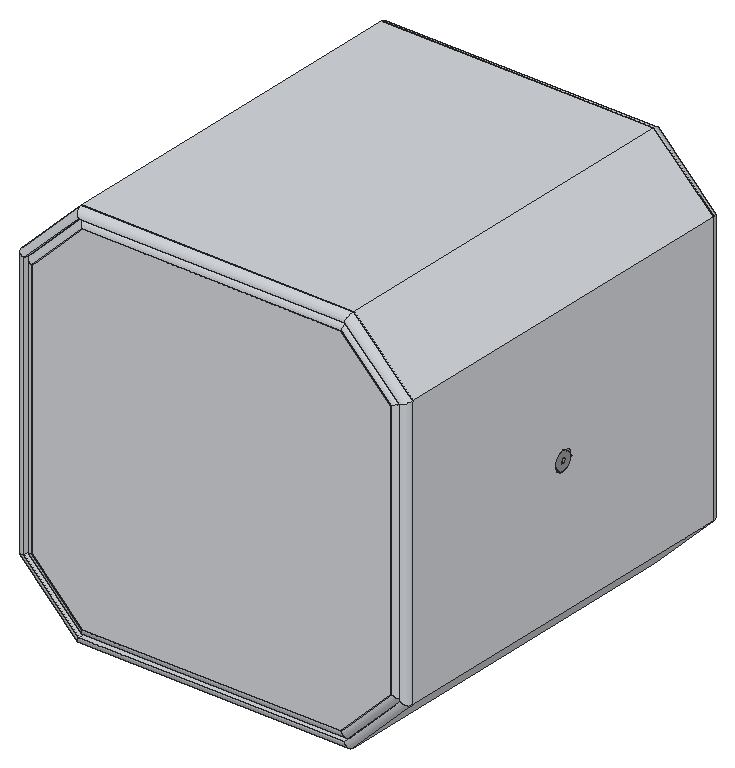
Revit family "1 SOUND_Cannon_C8", category Communication Devices, Revit 2020
Family settings
  Maintain Annotation Orientation = No
  Round Connector Dimension = Use Diameter
  Part Type = Normal
  Work Plane-Based = Yes
  Always vertical = No
  Cut with Voids When Loaded = No
  Shared = No
  Room Calculation Point = No
Parameters (values of type "C8")
  Width - Overall = 260 mm
  Weight = "18.4 lb / 8.3 kg"
  URL = "https://www.1-sound.com/cannon-coaxials"
  Speaker Mesh Finish [instance] = none
  Speaker Box Finish [instance] = none
  Rigging = "(4) M6 points"  # constant formula
  Power = "400 watts (program), 200 watts (AES)"
  Origin Plane [instance] = if(Origin Is Centered, 0 mm, (Height Overall / 2))  # 130 mm
  Origin Is Centered [instance] = no
  Model = "C8"
  Manufacturer = "1 Sound"  # constant formula
  Impedance = "8Ω"
  Height Overall = 260 mm
  Dimensions (HxWxD) = "10.2” (260 mm) x 10.2” (260 mm) x 10.2” (260 mm)"
  Depth - Overall = 260 mm
  Default Elevation = 1219.2 mm
  Construction = "Finland birch plywood (urea glue), polyurea, matte salt and UV resistant coating, 316 stainless steel hardware, 3D spacer mesh fabric"  # constant formula
  Connectors = "(2) NL4, 2-circuit switch, (1) Neutric NDL dummyPlug"
  Connector - Screw Terminal Block = no
  Connector - NL4 = yes
  Bandwidth = "55 Hz - 18 kHz (-6 dB)"
Types (2, lengths in mm): name | Speaker Mesh Finish | Speaker Box Finish | Origin Plane | Origin Is Centered | Model | Connectors | Connector - Screw Terminal Block | Connector - NL4
  C8i | 1 Sound - Speaker Mesh_Fabric_Black | 1 Sound - Speaker Box_Black | 0 | yes | "C8i" | "(1) screw terminal block with input +/- and loop +/-" | yes | no
  C8 | none | none | 130 | no | "C8" | "(2) NL4, 2-circuit switch, (1) Neutric NDL dummyPlug" | no | yes
Reference planes
  plane 1 "Center (Front/Back)": y = 0
  plane 2: z = 0
  plane 3 "Center (Left/Right)": x = -8.925
  plane 4 "Speaker Depth": y = 260
  plane 5: z = 260
  plane 6: x = 121.075
  plane 7: x = -138.925
  plane 8: z = 130
  plane 9: y = 130
  plane 10: x = -59.925
  plane 11: z = 0
Forms (mm)
  Sweep 1, solid, material <- "Speaker Box Finish"
    path origin (0, 0, 107) x (1, 0, 0) y (0, 0, 1)
      loop
        line (-97.398, 148) -> (-133.925, 111.473) -> (-133.925, -65.473) -> (-97.398, -102) -> (79.434, -102) -> (116.075, -65.359) -> (116.075, 111.473) -> (79.548, 148) -> (-97.398, 148)
    profile origin (-8.925, 0, 255) x (0, 0, 1) y (0, -1, 0)
      loop
        arc (5, -5) -> (3.536, -1.464) -> (0, 0) r 5
        line (0, 0) -> (0, -5) -> (5, -5)
  Sweep 2, solid, material <- "Speaker Mesh Finish"
    path origin (761.008, 109, -738.704) x (1, 0, 0) y (0, 0, -1)
      loop
        line (-683.738, -988.204) -> (-650.433, -954.899) -> (-650.433, -782.623) -> (-683.852, -749.204) -> (-856.128, -749.204) -> (-889.433, -782.509) -> (-889.433, -954.899) -> (-856.128, -988.204) -> (-683.738, -988.204)
    profile origin (-8.925, 109, 249.5) x (0, 0, 1) y (0, 1, 0)
      loop
        line (5, -104) -> (0, -104) -> (0, -109)
        arc (0, -109) -> (3.536, -107.536) -> (5, -104) r 5
  Sweep 3, solid, material <- "Speaker Box Finish"
    path origin (0, 260, 107) x (-1, 0, 0) y (0, 0, 1)
      loop
        line (97.398, 148) -> (-79.548, 148) -> (-116.075, 111.473) -> (-116.075, -65.359) -> (-79.434, -102) -> (97.398, -102) -> (133.925, -65.473) -> (133.925, 111.473) -> (97.398, 148)
    profile origin (-8.925, 260, 255) x (0, 0, -1) y (0, 1, 0)
      loop
        line (-5, -5) -> (0, -5) -> (0, 0)
        arc (0, 0) -> (-3.536, -1.464) -> (-5, -5) r 5
  Extrusion 4, solid, material <- "Speaker Box Finish"
    sketch origin (0, 0, -151793) x (1, 0, 0) y (0, 0, 1)
      loop
        line (81.619, 152053) -> (-99.469, 152053) -> (-138.925, 152013.544) -> (-138.925, 151832.456) -> (-99.469, 151793) -> (81.505, 151793) -> (121.075, 151832.57) -> (121.075, 152013.544) -> (81.619, 152053)
    from -255 to -5
  Extrusion 5, solid, material <- "Speaker Mesh Finish"
    sketch origin (0, 0, 0) x (1, 0, 0) y (0, 0, 1)
      loop
        line (-128.425, 216.195) -> (-128.425, 43.805) -> (-95.12, 10.5) -> (77.156, 10.5) -> (110.575, 43.919) -> (110.575, 216.195) -> (77.27, 249.5) -> (-95.12, 249.5) -> (-128.425, 216.195)
    from 0 to -5
  Extrusion 6, void
    sketch origin (0, 5, 0) x (1, 0, 0) y (0, 0, 1)
      loop
        line (-133.925, 218.473) -> (-133.925, 41.527) -> (-97.398, 5) -> (79.434, 5) -> (116.075, 41.641) -> (116.075, 218.473) -> (79.548, 255) -> (-97.398, 255) -> (-133.925, 218.473)
    from 0 to -5
  Extrusion 7, solid, material "1 Sound - Solid Black"
    sketch origin (0, 5, 0) x (1, 0, 0) y (0, 0, 1)
      loop
        line (-133.925, 218.473) -> (-133.925, 41.527) -> (-97.398, 5) -> (79.434, 5) -> (116.075, 41.641) -> (116.075, 218.473) -> (79.548, 255) -> (-97.398, 255) -> (-133.925, 218.473)
    from 0 to -5
  Sweep 8, solid, material <- "Speaker Mesh Finish"
    path origin (0, 260, 0) x (-1, 0, 0) y (0, 0, 1)
      loop
        line (95.12, 249.5) -> (-77.27, 249.5) -> (-110.575, 216.195) -> (-110.575, 43.919) -> (-77.156, 10.5) -> (44.55, 10.5) -> (44.55, 31.751) -> (107.844, 95.045) -> (128.425, 95.045) -> (128.425, 216.195) -> (95.12, 249.5)
    profile origin (-8.925, 260, 249.5) x (0, 0, -1) y (0, 1, 0)
      loop
        line (-4.999, -5) -> (0.001, -5) -> (0.001, 0)
        arc (0.001, 0) -> (-3.535, -1.464) -> (-4.999, -5) r 5
  Extrusion 9, solid, material <- "Speaker Mesh Finish"
    sketch origin (0, 260, 0) x (-1, 0, 0) y (0, 0, 1)
      loop
        line (-77.27, 249.499) -> (-110.574, 216.195) -> (-110.574, 43.919) -> (-77.156, 10.501) -> (44.549, 10.501) -> (44.549, 31.751) -> (107.844, 95.046) -> (128.425, 95.046) -> (128.425, 216.195) -> (95.121, 249.499) -> (-77.27, 249.499)
    from -4.98 to 0
  Extrusion 10, void
    sketch origin (0, 260, 0) x (-1, 0, 0) y (0, 0, 1)
      loop
        line (-79.341, 254.499) -> (-115.574, 218.266) -> (-115.574, 41.848) -> (-79.227, 5.501) -> (49.549, 5.501) -> (49.549, 29.68) -> (109.915, 90.046) -> (133.425, 90.046) -> (133.425, 218.266) -> (97.192, 254.499) -> (-79.341, 254.499)
    from -9.96 to -4.98
  Extrusion 11, solid, material "1 Sound - Solid Black"
    sketch origin (0, 260, 0) x (-1, 0, 0) y (0, 0, 1)
      loop
        line (97.192, 254.499) -> (-79.341, 254.499) -> (-115.574, 218.266) -> (-115.574, 41.848) -> (-79.227, 5.501) -> (49.549, 5.501) -> (49.549, 29.68) -> (109.915, 90.046) -> (133.425, 90.046) -> (133.425, 218.266) -> (97.192, 254.499)
    from -9.96 to -4.98
  Extrusion 12, void
    sketch origin (-8.925, 0, 0) x (0, 1, 0) y (0, 0, 1)
      loop
        circle (130, 130) r 6.855
    from -152.596 to 138.234
  Extrusion 13, solid, material <- "Speaker Box Finish"
    sketch origin (0, 260, 0) x (-1, 0, 0) y (0, 0, 1)
      loop
        circle (55.583, 19.989) r 5
      loop
        circle (118.936, 83.342) r 5
    from -5 to -4
  Extrusion 14, void
    sketch origin (0, 256, 0) x (1, 0, 0) y (0, 0, 1)
      loop
        line (-57.807, 20.585) -> (-57.211, 18.36) -> (-54.987, 17.764) -> (-53.359, 19.393) -> (-53.955, 21.617) -> (-56.179, 22.213) -> (-57.807, 20.585)
      loop
        line (-118.34, 81.117) -> (-116.712, 82.746) -> (-117.308, 84.97) -> (-119.532, 85.566) -> (-121.161, 83.938) -> (-120.565, 81.713) -> (-118.34, 81.117)
    from -0.458 to 1
Cuts and joins
  Extrusion 6, Extrusion 10, Extrusion 12, Extrusion 14 cuts Extrusion 4
  Extrusion 14 cuts Extrusion 7
  Extrusion 14 cuts Extrusion 13
Dimensions and locks
  "Depth - Overall": plane 1 "Center (Front/Back)" to plane 4 "Speaker Depth"
  "Height Overall": plane 5 to plane 2
  equal spacing: plane 6, plane 3 "Center (Left/Right)", plane 7
  "Width - Overall": plane 6 to plane 7
  Sweep 1 sketch curve to plane 5 = 5 mm
  Extrusion 4 to Sweep 1 sketch curve = 5 mm  (x4)
  Sweep 1 sketch curve to plane 7 = 5 mm
  Sweep 1 sketch curve to level = 5 mm
  Sweep 1 sketch curve to plane 6 = 5 mm
  Sweep 3 sketch curve to plane 5 = 5 mm
  Extrusion 4 to Sweep 3 sketch curve = 5 mm  (x4)
  equal spacing: plane 6, Sweep 3 sketch curve, Sweep 3 sketch curve
  equal spacing: level, Sweep 3 sketch curve, Sweep 3 sketch curve
  plane 7 to Sweep 3 sketch curve = 5 mm
  Sweep 2 sketch curve to level = 10.5 mm
  Extrusion 4 to Sweep 2 sketch curve = 10.5 mm  (x5)
  Sweep 2 sketch curve to plane 5 = 10.5 mm
  Sweep 2 sketch curve to plane 6 = 10.5 mm
  equal spacing: plane 5, plane 8, level
  equal spacing: plane 1 "Center (Front/Back)", plane 9, plane 4 "Speaker Depth"
  "Origin Plane": plane 11 to plane 8
  aligned and locked: plane 2 to level
  aligned and locked: plane 4 "Speaker Depth" to Sweep 3
  aligned and locked: plane 1 "Center (Front/Back)" to Sweep 2
  aligned and locked: plane 7 to Extrusion 4 sketch curve
  aligned and locked: plane 5 to Extrusion 4 sketch curve
  aligned and locked: plane 6 to Extrusion 4 sketch curve
  aligned and locked: Extrusion 4 sketch curve to level
  aligned and locked: Extrusion 5 sketch curve to Sweep 2  (x8)
  aligned and locked: Sweep 1 to Extrusion 6 sketch curve
  aligned and locked: Extrusion 6 sketch curve to Sweep 1  (x7)
  aligned and locked: Extrusion 5 to Sweep 8 sketch curve
  aligned and locked: Sweep 8 sketch curve to Extrusion 5  (x4)
  aligned and locked: Extrusion 9 sketch curve to Sweep 8  (x5)
  aligned and locked: plane 4 "Speaker Depth" to Extrusion 9
  aligned and locked: Extrusion 10 sketch curve to Sweep 8  (x6)
  aligned and locked: nested 1 to plane 8
  aligned and locked: Extrusion 12 sketch curve to nested 1  (x2)
  aligned and locked: plane 9 to nested 1
  aligned and locked: plane 6 to nested 1
  aligned and locked: nested 2 to plane 9
  aligned and locked: plane 8 to nested 2
  aligned and locked: plane 7 to nested 2
  aligned and locked: Extrusion 9 sketch curve to Sweep 2  (x2)
  aligned and locked: Extrusion 10 sketch curve to Extrusion 11  (x4)
Automatic sketch dimensions
  profile plane to Sweep 1 sketch curve = 0 mm
  Sweep 1 sketch curve to plane 1 "Center (Front/Back)" = 0 mm
  Sweep 1 sketch curve to plane 1 "Center (Front/Back)" = 5 mm
  profile plane to Sweep 2 sketch curve = 0 mm
  Sweep 2 sketch curve to Sweep 2 sketch curve = 5 mm
  Sweep 2 sketch curve to profile plane = 109 mm
  Sweep 3 sketch curve to plane 6 = 5 mm
  level to Sweep 3 sketch curve = 5 mm
  Sweep 3 sketch curve to plane 4 "Speaker Depth" = 0 mm
  Sweep 3 sketch curve to profile plane = 0 mm
  Sweep 3 sketch curve to Sweep 3 sketch curve = 5 mm
  Extrusion 4 sketch curve to plane 6 = 39.57 mm
  Extrusion 4 sketch curve to plane 6 = 39.456 mm
  level to Extrusion 4 sketch curve = 39.57 mm
  level to Extrusion 4 sketch curve = 39.456 mm
  Extrusion 4 sketch curve to plane 5 = 39.456 mm  (x2)
  plane 7 to Extrusion 7 sketch curve = 5 mm
  Extrusion 7 sketch curve to plane 5 = 5 mm
  level to Extrusion 7 sketch curve = 5 mm
  Extrusion 7 sketch curve to plane 6 = 41.641 mm
  Extrusion 7 sketch curve to plane 6 = 41.527 mm
  Extrusion 7 sketch curve to plane 6 = 5 mm
  level to Extrusion 7 sketch curve = 41.641 mm
  level to Extrusion 7 sketch curve = 41.527 mm
  Extrusion 7 sketch curve to plane 5 = 41.527 mm  (x2)
  Sweep 8 sketch curve to plane 4 "Speaker Depth" = 0 mm
  profile plane to Sweep 8 sketch curve = 4.999 mm
  Sweep 8 sketch curve to profile plane = 0.001 mm
  plane 7 to Extrusion 4 sketch curve = 39.456 mm  (x2)
  plane 7 to Extrusion 7 sketch curve = 41.527 mm  (x2)
  Sweep 8 sketch curve to plane 10 = 15.375 mm
  plane 7 to Sweep 8 sketch curve = 31.081 mm
  plane 7 to Sweep 8 sketch curve = 10.5 mm
  Sweep 8 sketch curve to Sweep 8 sketch curve = 21.251 mm
  plane 8 to Sweep 8 sketch curve = 34.955 mm
  Sweep 8 sketch curve to plane 5 = 43.805 mm
  plane 10 to Sweep 8 sketch curve = 35.195 mm
  Extrusion 13 sketch curve to plane 10 = 4.342 mm
  plane 7 to Extrusion 13 sketch curve = 19.989 mm
  level to Extrusion 13 sketch curve = 19.989 mm
  plane 8 to Extrusion 13 sketch curve = 46.658 mm
  Extrusion 14 sketch curve to Extrusion 14 sketch curve = 60.533 mm  (x2)
  Extrusion 14 sketch curve to Extrusion 14 sketch curve = 0.596 mm  (x5)
  Extrusion 14 sketch curve to Extrusion 14 sketch curve = 1.628 mm  (x7)
  Extrusion 14 sketch curve to Extrusion 14 sketch curve = 2.224 mm  (x8)
  plane 10 to Extrusion 11 sketch curve = 37.267 mm
  plane 7 to Extrusion 11 sketch curve = 29.01 mm
  plane 7 to Extrusion 11 sketch curve = 5.5 mm
  Extrusion 11 sketch curve to Extrusion 11 sketch curve = 24.179 mm
  plane 8 to Extrusion 11 sketch curve = 39.954 mm
  Extrusion 11 sketch curve to plane 5 = 41.734 mm  (x2)
  Extrusion 9 sketch curve to plane 10 = 15.376 mm
  Extrusion 9 sketch curve to Extrusion 9 sketch curve = 20.581 mm
  Extrusion 9 sketch curve to Extrusion 9 sketch curve = 21.25 mm
  plane 8 to Extrusion 9 sketch curve = 34.954 mm
  Extrusion 11 sketch curve to plane 10 = 10.376 mm
  level to Extrusion 11 sketch curve = 5.501 mm
  Extrusion 11 sketch curve to plane 6 = 41.848 mm
  Extrusion 11 sketch curve to plane 5 = 5.501 mm
  Extrusion 11 sketch curve to plane 6 = 41.734 mm
  Extrusion 11 sketch curve to plane 6 = 5.501 mm
  level to Extrusion 11 sketch curve = 41.848 mm
  radius of Extrusion 13 sketch curve = 5 mm  (x2)
Nested families
  nested 1: "1 SOUND_Cannon_C-Clamp Screw" at (121.075, 138.925, 130) x (0, 1, 0) z (0, 0, 1), type "C-Clamp Screw"
  nested 2: "1 SOUND_Cannon_C-Clamp Screw" at (-138.925, 138.925, 130) x (0, 1, 0) z (0, 0, 1), type "C-Clamp Screw"
  nested 3: "1 Sound_Speaker_Cannon_Connections_Screw Terminal Block_Angled_Non-Face Based" at (-181.421, 465.5, -64.506) x (-1, 0, 0) z (0, 0, 1), visible <- "Connector - Screw Terminal Block", Connector - Screw Terminal Block <- "Connector - Screw Terminal Block", type "1 Sound_Speaker_Cannon_Connections_Screw Terminal Block_Angled_Non-Face Based"
    with Connector - Screw Terminal Block no
  nested 4: "1 Sound_Speaker_Cannon_Connections_NL4_Angled_Non-Face Based" at (-197.688, 256, -34.311) x (-1, 0, 0) z (0, 0, 1), visible <- "Connector - NL4", Connector - NL4 <- "Connector - NL4", type "1 Sound_Speaker_Cannon_Connections_NL4_Angled_Non-Face Based"
    with Connector - NL4 yes
Definition of nested family "1 SOUND_Cannon_C-Clamp Screw"
  Parameters (values of type "1 Sound_Hardware_C-Clamp Screw_Non-Face Based")
    Weight = ""
    Rigging = ""
    Power = ""
    Impedance = ""
    Dimensions (HxWxD) = ""
    Default Elevation = 1219.2 mm
    Construction = ""
    Connectors = ""
    Bandwidth = ""
  Reference planes
    plane 1 "Center (Front/Back)": y = 0
    plane 2: z = 0
    plane 3 "Center (Left/Right)": x = -8.925
  Forms (mm)
    Extrusion 1, solid
      sketch origin (-379.453, 0, -3.595) x (1, 0, 0) y (0, 0, 1)
        loop
          circle (370.528, 3.595) r 5.85
      from 0 to -7
    Extrusion 2, void
      sketch origin (-379.453, 0, -3.595) x (1, 0, 0) y (0, 0, 1)
        loop
          line (371.936, 1.764) -> (372.818, 3.899) -> (371.41, 5.73) -> (369.121, 5.426) -> (368.239, 3.292) -> (369.646, 1.461) -> (371.936, 1.764)
      from 0 to -3
  Cuts and joins
    Extrusion 2 cuts Extrusion 1
  Lines and regions (mm)
    reference lines
      curve 1: line (-8.925, 0, 13.636) -> (-8.925, 0, -16.364)
      curve 2: line (10.534, 0, 0) -> (-29.957, 0, 0)
    model lines
      curve 3: arc (-2.07, 0, 0) -> (-8.925, 0, 6.855) -> (-15.78, 0, 0) r 6.855
      curve 4: arc (-15.78, 0, 0) -> (-8.925, 0, -6.855) -> (-2.07, 0, 0) r 6.855
  Dimensions and locks
    aligned and locked: plane 2 to level
Definition of nested family "1 Sound_Speaker_Cannon_Connections_NL4_Angled_Non-Face Based"
  Parameters (values of type "1 Sound_Speaker_Cannon_Connections_NL4_Angled_Non-Face Based")
    Default Elevation = 1219.2 mm
    Connector - NL4 [instance] = yes
  Reference planes
    plane 1 "Center (Front/Back)": y = 0
    plane 2: z = 0
    plane 3 "Center (Left/Right)": x = -8.925
  Forms (mm)
    Extrusion 1, solid, visible <- "Connector - NL4"
      sketch origin (24.169, -1, 76.713) x (-0.707107, 0, -0.707107) y (-0.707107, 0, 0.707107)
        loop
          line (92.325, 110.215) -> (84.925, 110.215)
          arc (84.925, 110.215) -> (82.804, 109.336) -> (81.925, 107.215) r 3
          line (81.925, 107.215) -> (81.925, 81.815)
          arc (81.925, 81.815) -> (82.804, 79.693) -> (84.925, 78.815) r 3
          line (84.925, 78.815) -> (92.325, 78.815)
          arc (92.325, 78.815) -> (94.446, 79.693) -> (95.325, 81.815) r 3
          line (95.325, 81.815) -> (95.325, 107.215)
          arc (95.325, 107.215) -> (94.446, 109.336) -> (92.325, 110.215) r 3
        loop
          arc (84.925, 108.815) -> (83.794, 108.346) -> (83.325, 107.215) r 1.6
          line (83.325, 107.215) -> (83.325, 81.815)
          arc (83.325, 81.815) -> (83.794, 80.683) -> (84.925, 80.215) r 1.6
          line (84.925, 80.215) -> (92.325, 80.215)
          arc (92.325, 80.215) -> (93.456, 80.683) -> (93.925, 81.815) r 1.6
          line (93.925, 81.815) -> (93.925, 107.215)
          arc (93.925, 107.215) -> (93.456, 108.346) -> (92.325, 108.815) r 1.6
          line (92.325, 108.815) -> (84.925, 108.815)
      from 0 to 1.3
    Extrusion 2, solid, visible <- "Connector - NL4"
      sketch origin (15.684, -1, 68.228) x (-0.707107, 0, -0.707107) y (-0.707107, 0, 0.707107)
        loop
          arc (72.925, 108.815) -> (71.794, 108.346) -> (71.325, 107.215) r 1.6
          line (71.325, 107.215) -> (71.325, 81.815)
          arc (71.325, 81.815) -> (71.794, 80.683) -> (72.925, 80.215) r 1.6
          line (72.925, 80.215) -> (80.325, 80.215)
          arc (80.325, 80.215) -> (81.456, 80.683) -> (81.925, 81.815) r 1.6
          line (81.925, 81.815) -> (81.925, 107.215)
          arc (81.925, 107.215) -> (81.456, 108.346) -> (80.325, 108.815) r 1.6
          line (80.325, 108.815) -> (72.925, 108.815)
      from 0 to 1
    Extrusion 3, solid, visible <- "Connector - NL4"
      sketch origin (61.25, -3.621, 27.011) x (0, 1, 0) y (-0.707107, 0, 0.707107)
        loop
          line (2.621, 160.368) -> (2.621, 141.579) -> (4.598, 141.579)
          arc (4.598, 141.579) -> (6.089, 146.588) -> (9.668, 150.397) r 11.343
          line (9.668, 150.397) -> (9.668, 153.156)
          arc (9.668, 153.156) -> (6.189, 156.194) -> (4.21, 160.368) r 11.343
          line (4.21, 160.368) -> (2.621, 160.368)
      from -85 to -74.4
  Lines and regions (mm)
    reference lines
      curve 1: line (-88.61, 208, 231.433) -> (-88.61, 208, -23.567)
      curve 2: line (-168.61, 208, 107) -> (-23.61, 208, 107)
  Dimensions and locks
    aligned and locked: plane 2 to level
  Nested families
    nested 1: "1 Sound_Connectors_NL4_Non-Face Based" at (0, 0, 0), visible <- "Connector - NL4", type "1 Sound_Connectors_NL4_Non-Face Based"
    nested 2: "1 Sound_Connectors_NL4_Non-Face Based" at (-32.527, 0, -32.527), visible <- "Connector - NL4", type "1 Sound_Connectors_NL4_Non-Face Based"
  Definition of nested family "1 Sound_Connectors_NL4_Non-Face Based"
    Parameters (values of type "1 Sound_Connectors_NL4_Non-Face Based")
      Default Elevation = 1219.2 mm
    Reference planes
      plane 1 "Center (Front/Back)": y = 0
      plane 2: z = 0
      plane 3 "Center (Left/Right)": x = -8.925
    Forms (mm)
      Extrusion 1, solid
        sketch origin (-94.635, -1, 228.469) x (-0.707107, 0, -0.707107) y (-0.707107, 0, 0.707107)
          loop
            arc (98.425, -112.5) -> (100.9, -111.475) -> (101.925, -109) r 3.5
            line (101.925, -109) -> (101.925, -85)
            arc (101.925, -85) -> (100.9, -82.525) -> (98.425, -81.5) r 3.5
            line (98.425, -81.5) -> (79.425, -81.5)
            arc (79.425, -81.5) -> (76.95, -82.525) -> (75.925, -85) r 3.5
            line (75.925, -85) -> (75.925, -109)
            arc (75.925, -109) -> (76.95, -111.475) -> (79.425, -112.5) r 3.5
            line (79.425, -112.5) -> (98.425, -112.5)
        from 0 to 1
      Extrusion 2, void
        sketch origin (-94.635, -0.5, 228.469) x (-0.707107, 0, -0.707107) y (-0.707107, 0, 0.707107)
          loop
            circle (88.925, -97) r 3
        from 0 to 1
      Extrusion 3, void
        sketch origin (-94.635, -0.5, 228.469) x (-0.707107, 0, -0.707107) y (-0.707107, 0, 0.707107)
          loop
            line (87.275, -87.137) -> (87.275, -88.153)
            arc (87.275, -88.153) -> (79.938, -96.511) -> (86.325, -105.616) r 9
            line (86.325, -105.616) -> (86.325, -106.656)
            arc (86.325, -106.656) -> (88.925, -107) -> (91.525, -106.656) r 10
            line (91.525, -106.656) -> (91.525, -105.616)
            arc (91.525, -105.616) -> (97.912, -96.511) -> (90.575, -88.153) r 9
            line (90.575, -88.153) -> (90.575, -87.137)
            arc (90.575, -87.137) -> (88.925, -87) -> (87.275, -87.137) r 10
          loop
            circle (88.925, -97) r 6.1
        from 0 to 1
      Extrusion 4, solid
        sketch origin (-94.635, 0.2, 228.469) x (-0.707107, 0, -0.707107) y (-0.707107, 0, 0.707107)
          loop
            arc (98.425, -112.5) -> (100.9, -111.475) -> (101.925, -109) r 3.5
            line (101.925, -109) -> (101.925, -85)
            arc (101.925, -85) -> (100.9, -82.525) -> (98.425, -81.5) r 3.5
            line (98.425, -81.5) -> (79.425, -81.5)
            arc (79.425, -81.5) -> (76.95, -82.525) -> (75.925, -85) r 3.5
            line (75.925, -85) -> (75.925, -109)
            arc (75.925, -109) -> (76.95, -111.475) -> (79.425, -112.5) r 3.5
            line (79.425, -112.5) -> (98.425, -112.5)
          loop
            circle (88.925, -97) r 12
        from -0.2 to 0
      Extrusion 5, solid
        sketch origin (-125.04, -1.542, 232.004) x (-0.707107, 0, -0.707107) y (-0.707107, 0, 0.707107)
          loop
            circle (79.425, -109) r 3
        from 1.842 to 1.542
      Extrusion 6, void
        sketch origin (-125.04, 1.246, 232.004) x (-0.707107, 0, -0.707107) y (-0.707107, 0, 0.707107)
          loop
            line (78.28, -108.85) -> (78.722, -109.916) -> (79.867, -110.067) -> (80.57, -109.15) -> (80.128, -108.084) -> (78.983, -107.933) -> (78.28, -108.85)
        from -1.246 to -0.429
      Extrusion 7, solid
        sketch origin (-94.635, -1.542, 228.469) x (-0.707107, 0, -0.707107) y (-0.707107, 0, 0.707107)
          loop
            circle (79.425, -109) r 3
        from 1.842 to 1.542
      Extrusion 8, void
        sketch origin (-94.635, 1.246, 228.469) x (-0.707107, 0, -0.707107) y (-0.707107, 0, 0.707107)
          loop
            line (78.28, -108.85) -> (78.722, -109.916) -> (79.867, -110.067) -> (80.57, -109.15) -> (80.128, -108.084) -> (78.983, -107.933) -> (78.28, -108.85)
        from -1.246 to -0.4
    Cuts and joins
      Extrusion 2, Extrusion 3 cuts Extrusion 1
      Extrusion 3, Extrusion 6, Extrusion 8 cuts Extrusion 4
      Extrusion 6 cuts Extrusion 5
      Extrusion 8 cuts Extrusion 7
    Dimensions and locks
      aligned and locked: plane 2 to level
Definition of nested family "1 Sound_Speaker_Cannon_Connections_Screw Terminal Block_Angled_Non-Face Based"
  Parameters (values of type "1 Sound_Speaker_Cannon_Connections_Screw Terminal Block_Angled_Non-Face Based")
    Default Elevation = 1219.2 mm
    Connector - Screw Terminal Block [instance] = yes
  Reference planes
    plane 1 "Center (Front/Back)": y = 0
    plane 2: z = 0
    plane 3 "Center (Left/Right)": x = -8.925
  Forms (mm)
    Extrusion 1, solid, visible <- "Connector - Screw Terminal Block"
      sketch origin (-53.724, 208, 146.745) x (-0.707107, 0, -0.707107) y (-0.707107, 0, 0.707107)
        loop
          line (34.054, -0.277) -> (69.854, -0.277) -> (69.854, 12.923) -> (34.054, 12.923) -> (34.054, -0.277)
      from 2.5 to 1.042
    Extrusion 2, solid, visible <- "Connector - Screw Terminal Block"
      sketch origin (-53.724, 208, 146.745) x (-0.707107, 0, -0.707107) y (-0.707107, 0, 0.707107)
        loop
          line (76.754, 0.823) -> (76.754, 11.823)
          arc (76.754, 11.823) -> (76.608, 12.176) -> (76.254, 12.323) r 0.5
          line (76.254, 12.323) -> (27.654, 12.323)
          arc (27.654, 12.323) -> (27.301, 12.176) -> (27.154, 11.823) r 0.5
          line (27.154, 11.823) -> (27.154, 0.823)
          arc (27.154, 0.823) -> (27.301, 0.469) -> (27.654, 0.323) r 0.5
          line (27.654, 0.323) -> (76.254, 0.323)
          arc (76.254, 0.323) -> (76.608, 0.469) -> (76.754, 0.823) r 0.5
      from 2.5 to 1.842
    Extrusion 3, void
      sketch origin (-88.61, 208, 166.433) x (0, 0, 1) y (-1, 0, 0)
        loop
          line (-65.623, 21.802) -> (-66.669, 22.847) -> (-68.096, 22.465) -> (-68.479, 21.037) -> (-67.434, 19.992) -> (-66.006, 20.374) -> (-65.623, 21.802)
      from -1.246 to -0.429
    Extrusion 4, solid, visible <- "Connector - Screw Terminal Block"
      sketch origin (-88.61, 208, 166.433) x (0, 0, -1) y (-1, 0, 0)
        loop
          circle (67.051, 21.419) r 2.6
      from 1.842 to 1.042
    Extrusion 5, void
      sketch origin (-88.61, 208, 166.433) x (0, 0, 1) y (-1, 0, 0)
        loop
          line (-36.475, -7.346) -> (-37.903, -7.729) -> (-38.285, -9.157) -> (-37.24, -10.202) -> (-35.812, -9.819) -> (-35.43, -8.391) -> (-36.475, -7.346)
      from -1.246 to -0.429
    Extrusion 6, solid, visible <- "Connector - Screw Terminal Block"
      sketch origin (-88.61, 208, 166.433) x (0, 0, -1) y (-1, 0, 0)
        loop
          circle (36.858, -8.774) r 2.6
      from 1.842 to 1.042
  Cuts and joins
    Extrusion 3, Extrusion 5 cuts Extrusion 4
    Extrusion 5 cuts Extrusion 6
  Lines and regions (mm)
    reference lines
      curve 1: line (-88.61, 208, 231.433) -> (-88.61, 208, -23.567)
      curve 2: line (-35.611, 208, 129.535) -> (-165.611, 208, 129.535)
  Dimensions and locks
    aligned and locked: plane 2 to level
